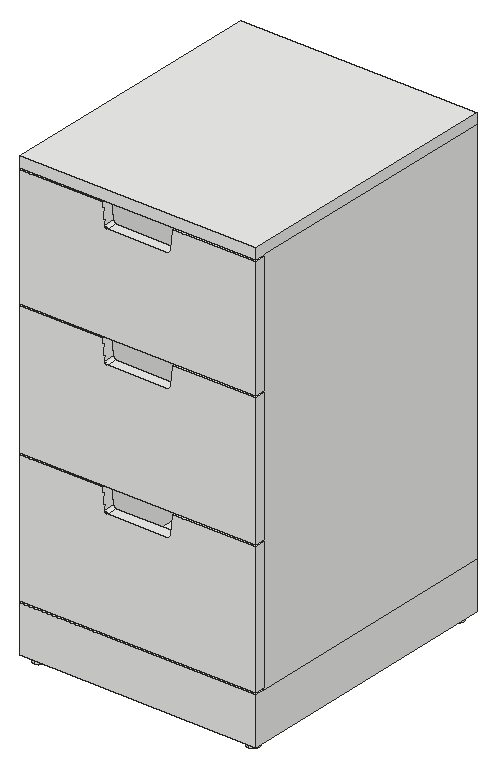
Revit family "NORDLI 3 RACKS", category Furniture, Revit 2019
Family settings
  OmniClass Number = 23.40.20.00
  OmniClass Title = General Furniture and Specialties
  Work Plane-Based = No
  Always vertical = Yes
  Cut with Voids When Loaded = No
  Shared = No
  Room Calculation Point = No
Parameters (values of type "40CM")
  www.revitwatch.com = ""
  Radius = 10 mm
  Length = 400 mm
  LMDP = 18 mm
  Height = 770 mm
  H2 = 19 mm
  H1 = 10 mm
  H = 680 mm
  Depth = 470 mm
  D/2 = D / 2  # 1.5 mm
  D = 3 mm
Types (3, lengths in mm): name | Length | LMDP
  (no name) | 400 | 18
  80CM | 800 | 25.683
  40CM | 400 | 18
Reference planes
  plane 1 "Center (Front/Back)": y = 0
  plane 2: z = 0
  plane 3 "Center (Left/Right)": x = 0
  plane 4: x = -200
  plane 5: x = 200
  plane 6: y = -235
  plane 7: y = 235
  plane 8: z = 770
  plane 9: z = 90
  plane 10: z = 316.667
  plane 11: x = 182
  plane 12: x = -182
  plane 13: z = 752
  plane 14: y = 217
  plane 15: y = -217
  plane 16: z = 749
  plane 17: z = 93
  plane 18: z = 10
  plane 19: z = 730
  plane 20: z = 543.333
  plane 21: z = 544.833
  plane 22: z = 541.833
  plane 23: z = 318.167
  plane 24: z = 315.167
  plane 25: z = 522.833
  plane 26: z = 296.167
Forms (mm)
  Sweep 1, solid, material "White Paint"
    path origin (0, 0, 0) x (1, 0, 0) y (0, 0, 1)
      loop
        line (0, 90) -> (0, 10)
    profile origin (0, 0, 50) x (0, -1, 0) y (1, 0, 0)
      loop
        line (-235, -200) -> (235, -200) -> (235, 200) -> (-235, 200) -> (-235, -200)
  Sweep 2, solid, material "White Paint"
    path origin (0, 0, 0) x (1, 0, 0) y (0, 1, 0)
      loop
        line (0, -217) -> (0, -235)
    profile origin (0, -226, 0) x (1, 0, 0) y (0, 0, 1)
      loop
        line (-200, 315.167) -> (-200, 93) -> (200, 93) -> (200, 315.167) -> (-200, 315.167)
  Sweep 3, solid, material "White Paint"
    path origin (0, 0, 0) x (1, 0, 0) y (0, 1, 0)
      loop
        line (0, -217) -> (0, -235)
    profile origin (0, -226, 0) x (1, 0, 0) y (0, 0, 1)
      loop
        line (-200, 749) -> (-200, 544.833) -> (200, 544.833) -> (200, 749) -> (-200, 749)
  Sweep 4, solid, material "White Paint"
    path origin (0, 0, 0) x (0, 1, 0) y (0, 0, 1)
      loop
        line (0, 770) -> (0, 752)
    profile origin (0, 0, 761) x (1, 0, 0) y (0, 1, 0)
      loop
        line (-200, 235) -> (-200, -235) -> (200, -235) -> (200, 235) -> (-200, 235)
  Sweep 5, solid, material "White Paint"
    path origin (0, 0, 0) x (1, 0, 0) y (0, 0, 1)
      loop
        line (0, 752) -> (0, 90)
    profile origin (0, 0, 421) x (0, -1, 0) y (1, 0, 0)
      loop
        line (-235, -200) -> (217, -200) -> (217, -182) -> (-217, -182) -> (-217, 182) -> (217, 182) -> (217, 200) -> (-235, 200) -> (-235, -200)
  Sweep 6, solid, material "White Paint"
    path origin (0, 0, 0) x (1, 0, 0) y (0, 0, 1)
      loop
        line (-182, 10) -> (-182, 0)
    profile origin (-182, 0, 5) x (0, -1, 0) y (1, 0, 0)
      loop
        circle (217, 0) r 10
  Sweep 7, solid, material "White Paint"
    path origin (0, 0, 0) x (0, 1, 0) y (0, 0, 1)
      loop
        line (217, 10) -> (217, 0)
    profile origin (0, 217, 5) x (1, 0, 0) y (0, 1, 0)
      loop
        circle (-182, 0) r 10
  Sweep 8, solid, material "White Paint"
    path origin (0, 0, 0) x (1, 0, 0) y (0, 0, 1)
      loop
        line (182, 10) -> (182, 0)
    profile origin (182, 0, 5) x (0, -1, 0) y (1, 0, 0)
      loop
        circle (-217, 0) r 10
  Sweep 9, solid, material "White Paint"
    path origin (0, 0, 0) x (1, 0, 0) y (0, 0, 1)
      loop
        line (182, 10) -> (182, 0)
    profile origin (182, 0, 5) x (0, -1, 0) y (1, 0, 0)
      loop
        circle (217, 0) r 10
  Sweep 10, void
    path origin (236.392, 0, 730) x (1, 0, 0) y (0, 1, 0)
      loop
        line (-236.392, -217) -> (-236.392, -235)
    profile "VOID : VOID" origin (0, -226, 730) x (1, 0, 0) y (0, 0, 1)
      loop
        line (-60, 19) -> (-55.873, -14.609)
        arc (-55.873, -14.609) -> (-54.224, -17.745) -> (-50.911, -19) r 5
        line (-50.911, -19) -> (50.911, -19)
        arc (50.911, -19) -> (54.224, -17.745) -> (55.873, -14.609) r 5
        line (55.873, -14.609) -> (60, 19) -> (-60, 19)
  Sweep 11, solid, material "White Paint"
    path origin (236.392, 0, 730) x (1, 0, 0) y (0, 1, 0)
      loop
        line (-236.392, -217) -> (-236.392, -235)
    profile origin (0, -226, 730) x (1, 0, 0) y (0, 0, 1)
      loop
        line (-200, -188.167) -> (-200, -411.833) -> (200, -411.833) -> (200, -188.167) -> (-200, -188.167)
  Sweep 12, void
    path origin (-122.612, -1524, 522.833) x (-1, 0, 0) y (0, -1, 0)
      loop
        line (-122.612, -1307) -> (-122.612, -1289)
    profile "VOID : VOID" origin (0, -226, 522.833) x (1, 0, 0) y (0, 0, 1)
      loop
        line (-60, 19) -> (-55.873, -14.609)
        arc (-55.873, -14.609) -> (-54.224, -17.745) -> (-50.911, -19) r 5
        line (-50.911, -19) -> (50.911, -19)
        arc (50.911, -19) -> (54.224, -17.745) -> (55.873, -14.609) r 5
        line (55.873, -14.609) -> (60, 19) -> (-60, 19)
  Sweep 13, void
    path origin (-98.553, -1524, 296.167) x (-1, 0, 0) y (0, -1, 0)
      loop
        line (-98.553, -1307) -> (-98.553, -1289)
    profile "VOID : VOID" origin (0, -226, 296.167) x (1, 0, 0) y (0, 0, 1)
      loop
        line (-60, 19) -> (-55.873, -14.609)
        arc (-55.873, -14.609) -> (-54.224, -17.745) -> (-50.911, -19) r 5
        line (-50.911, -19) -> (50.911, -19)
        arc (50.911, -19) -> (54.224, -17.745) -> (55.873, -14.609) r 5
        line (55.873, -14.609) -> (60, 19) -> (-60, 19)
Cuts and joins
  Sweep 10 cuts Sweep 3
  Sweep 12 cuts Sweep 11
  Sweep 13 cuts Sweep 2
Dimensions and locks
  equal spacing: plane 6, plane 1 "Center (Front/Back)", plane 7
  equal spacing: plane 4, plane 3 "Center (Left/Right)", plane 5
  "Length": plane 4 to plane 5
  "Depth": plane 6 to plane 7
  "Height": plane 8 to level
  "H": plane 8 to plane 9
  "LMDP": plane 15 to plane 6
  "LMDP": plane 7 to plane 14
  "LMDP": plane 11 to plane 5
  "LMDP": plane 4 to plane 12
  "LMDP": plane 8 to plane 13
  "D": plane 13 to plane 16
  "D": plane 17 to plane 9
  "H1": plane 18 to level
  plane 9 to plane 18 = 80 mm
  "H2": plane 19 to plane 16
  equal spacing: plane 8, plane 20, plane 10, plane 9
  "D/2": plane 20 to plane 22
  "D/2": plane 21 to plane 20
  "D/2": plane 23 to plane 10
  "D/2": plane 10 to plane 24
  "H2": plane 24 to plane 26
  "H2": plane 22 to plane 25
  "Radius": radius of Sweep 6 sketch curve
  "Radius": radius of Sweep 7 sketch curve
  "Radius": radius of Sweep 8 sketch curve
  "Radius": radius of Sweep 9 sketch curve
  aligned and locked: level to plane 2
  aligned and locked: Sweep 1 sketch curve to plane 3 "Center (Left/Right)"
  aligned and locked: plane 9 to Sweep 1 sketch curve
  aligned and locked: plane 4 to Sweep 1 sketch curve
  aligned and locked: plane 7 to Sweep 1 sketch curve
  aligned and locked: Sweep 1 sketch curve to plane 5
  aligned and locked: Sweep 1 sketch curve to plane 6
  aligned and locked: plane 6 to Sweep 2 sketch curve
  aligned and locked: plane 15 to Sweep 2 sketch curve
  aligned and locked: Sweep 2 sketch curve to plane 3 "Center (Left/Right)"
  aligned and locked: Sweep 2 sketch curve to plane 5
  aligned and locked: plane 4 to Sweep 2 sketch curve
  aligned and locked: plane 15 to Sweep 3 sketch curve
  aligned and locked: plane 6 to Sweep 3 sketch curve
  aligned and locked: Sweep 3 sketch curve to plane 3 "Center (Left/Right)"
  aligned and locked: plane 4 to Sweep 3 sketch curve
  aligned and locked: Sweep 3 sketch curve to plane 5
  aligned and locked: Sweep 4 sketch curve to plane 1 "Center (Front/Back)"
  aligned and locked: plane 13 to Sweep 4 sketch curve
  aligned and locked: plane 8 to Sweep 4 sketch curve
  aligned and locked: Sweep 4 sketch curve to plane 5
  aligned and locked: plane 7 to Sweep 4 sketch curve
  aligned and locked: plane 4 to Sweep 4 sketch curve
  aligned and locked: plane 9 to Sweep 5 sketch curve
  aligned and locked: Sweep 5 sketch curve to plane 3 "Center (Left/Right)"
  aligned and locked: Sweep 5 sketch curve to plane 5
  aligned and locked: plane 7 to Sweep 5 sketch curve
  aligned and locked: plane 4 to Sweep 5 sketch curve
  aligned and locked: Sweep 5 sketch curve to plane 15  (x2)
  aligned and locked: plane 11 to Sweep 5 sketch curve
  aligned and locked: Sweep 5 sketch curve to plane 14
  aligned and locked: Sweep 5 sketch curve to plane 12
  aligned and locked: plane 13 to Sweep 5 sketch curve
  aligned and locked: Sweep 4 sketch curve to plane 6
  aligned and locked: Sweep 3 sketch curve to plane 16
  aligned and locked: plane 17 to Sweep 2 sketch curve
  aligned and locked: plane 18 to Sweep 1 sketch curve
  aligned and locked: plane 12 to Sweep 6 sketch curve
  aligned and locked: plane 18 to Sweep 6 sketch curve
  aligned and locked: level to Sweep 6 sketch curve
  aligned and locked: plane 2 to Sweep 7 sketch curve
  aligned and locked: plane 18 to Sweep 7 sketch curve
  aligned and locked: plane 14 to Sweep 7 sketch curve
  aligned and locked: plane 11 to Sweep 8 sketch curve
  aligned and locked: plane 18 to Sweep 8 sketch curve
  aligned and locked: plane 2 to Sweep 8 sketch curve
  aligned and locked: plane 11 to Sweep 9 sketch curve
  aligned and locked: plane 18 to Sweep 9 sketch curve
  aligned and locked: plane 2 to Sweep 9 sketch curve
  aligned and locked: Sweep 10 sketch curve to plane 3 "Center (Left/Right)"
  aligned and locked: plane 15 to Sweep 10 sketch curve
  aligned and locked: plane 6 to Sweep 10 sketch curve
  aligned and locked: plane 21 to Sweep 3 sketch curve
  aligned and locked: Sweep 2 sketch curve to plane 24
  aligned and locked: Sweep 11 sketch curve to plane 3 "Center (Left/Right)"
  aligned and locked: plane 15 to Sweep 11 sketch curve
  aligned and locked: plane 6 to Sweep 11 sketch curve
  aligned and locked: Sweep 11 sketch curve to plane 22
  aligned and locked: plane 23 to Sweep 11 sketch curve
  aligned and locked: plane 4 to Sweep 11 sketch curve
  aligned and locked: Sweep 11 sketch curve to plane 5
  aligned and locked: Sweep 12 sketch curve to plane 3 "Center (Left/Right)"
  aligned and locked: plane 15 to Sweep 12 sketch curve
  aligned and locked: plane 6 to Sweep 12 sketch curve
  aligned and locked: Sweep 13 sketch curve to plane 3 "Center (Left/Right)"
  aligned and locked: plane 15 to Sweep 13 sketch curve
  aligned and locked: plane 6 to Sweep 13 sketch curve
Automatic sketch dimensions
  Sweep 6 sketch curve to profile plane = 0 mm
  plane 1 "Center (Front/Back)" to Sweep 6 sketch curve = 217 mm
  profile plane to Sweep 7 sketch curve = 0 mm
  Sweep 7 sketch curve to plane 3 "Center (Left/Right)" = 182 mm
  Sweep 8 sketch curve to profile plane = 0 mm
  Sweep 8 sketch curve to plane 1 "Center (Front/Back)" = 217 mm
  Sweep 9 sketch curve to profile plane = 0 mm
  plane 1 "Center (Front/Back)" to Sweep 9 sketch curve = 217 mm
